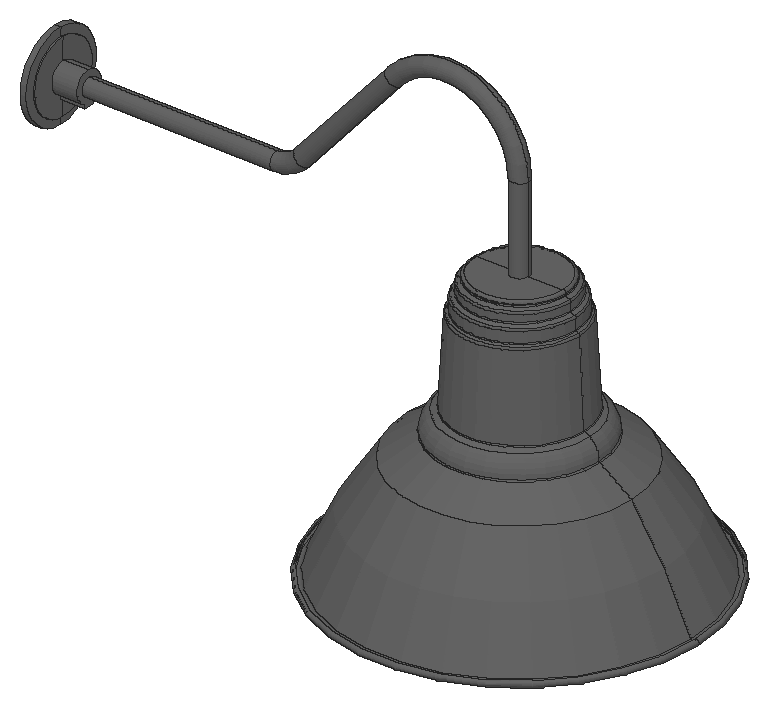
Revit family "Warehoouse_SB_LED", category Lighting Fixtures, Revit 2020
Family settings
  Round Connector Dimension = Use Diameter
  Part Type = Normal
  OmniClass Number = 23.80.70.00
  OmniClass Title = Lighting
  Work Plane-Based = No
  Always vertical = Yes
  Cut with Voids When Loaded = No
  Light Source = Yes
  Shared = No
  Room Calculation Point = No
Parameters (values of type "SBW20")
  Weight = "4.0 lb"
  Wattage Comments = "24W"
  Wattage = 2.4 W
  Warranty = "5 year limited warranty"  # constant formula
  built-in parameter 1150110 = 1 (stored number, unit not read)
  Voltage = 277 V
  URL = "https://www.anplighting.com/assets/Uploads/product-attachments/specification-sheets/ANP-Specification-Sheet-RLM-LED-SBW20.pdf"
  built-in parameter 1114217 = 1 (stored number, unit not read)
  Tilt Angle = 90.00°
  built-in parameter 1150109 = 1 (stored number, unit not read)
  built-in parameter 1150134 = 12
  built-in parameter 1150113 = 1 (stored number, unit not read)
  SBW20 = yes
  SBW18 = no
  SBW16 = no
  Mounting Option [instance] = 2
  Power Factor = 1
  Post Mount [instance] = Mounting Option = 5  # no
  Placement X axis side [instance] = if(Post Mount, 2' 2 15/32", if(Cord or Stem Mount, 0' 0", if(E36 20 inch, 1' 8 1/4", if(E 6 26 inch, 2' 2", if(E7 41 inch, 3' 5 1/4", 0' 1")))))  # 2' - 2"
  Photometric Web File = "SBW20M024LDDW40K.IES"
  Model = "SBW20"
  Manufacturer = "ANP Lighting"  # constant formula
  built-in parameter 1150105 = 238.73 (stored number, unit not read)
  Lumens = 3000 lm
  built-in parameter 1150115 = 1 (stored number, unit not read)
  Load Classification = Lighting
  Light Source Height [instance] = 0' - 5 55/128"
  built-in parameter 1150137 = (empty or 0)
  built-in parameter 1150139 = (empty or 0)
  Light Elevation_3 [instance] = 0' - 5 55/128"
  Light Elevation _2 [instance] = if(SBW16, 1' 0", if(SBW18, 1' 1 7/8", if(SBW20, 1' 3 33/128", 0' 0")))  # 1' - 3 33/128"
  Light Elevation _1 [instance] = if(Post Mount, 0' 0", if(E7 41 inch, 0' 0", if(E36 20 inch, 0' 1", if(E 6 26 inch, 0' 0.87402", if(Cord or Stem Mount, (0' 3.66142" + Cord Length), 0' 0")))))  # 0' - 0.87402"
  Light Elevation [instance] = if(Post Mount, 14' 0.5315", if(E7 41 inch, 0' 0", 0' 0"))  # 0' - 0"
  Life = "L70 50,000 hours"  # constant formula
  built-in parameter 1150112 = 1 (stored number, unit not read)
  built-in parameter 1150114 = 1 (stored number, unit not read)
  Lamp = "LED"
  Inside body material = INSIDE BODY MATERIAL
  built-in parameter 1150132 = 2
  built-in parameter 1150102 = (empty or 0)
  built-in parameter 1150107 = 4000 (stored number, unit not read)
  built-in parameter 1150138 = (empty or 0)
  built-in parameter 1150106 = 2.3873 (stored number, unit not read)
  GLASS = Glass
  Fixture Height = 1' - 3 1/4"
  Fixture Diameter = 1' - 8"
  Efficiency = "65-125 lumens per watt"  # constant formula
  built-in parameter 1150104 = 116.13 (stored number, unit not read)
  E7 41 inch [instance] = Mounting Option = 4  # no
  E36 20 inch [instance] = Mounting Option = 3  # no
  E 6 26 inch [instance] = Mounting Option = 2  # yes
  Dimming Lamp Color Temperature Shift = <None>
  Dimming = "1%"  # constant formula
  Description = "120-277 Voltage"  # constant formula
  Default Elevation = 0' - 0"
  Cord or Stem Mount [instance] = Mounting Option = 1  # no
  Cord Length option [instance] = 10
  Cord Length [instance] = if([2' Cord], 2' 0", if([4' Cord], 4' 0", if([8' Cord], 8' 0", if([10' Cord], 10' 0", if([6' Cord], 6' 0", 6' 0")))))  # 10' - 0"
  Construction Material = "Heavy Duty spun aluminum."  # constant formula
  Color Filter = 16777215
  CRI = ">90"  # constant formula
  Bulb = BULB
  Body Material = body
  Body Colour = "Spun aluminium"  # constant formula
  built-in parameter 1114218 = 1 (stored number, unit not read)
  built-in parameter 1150133 = 10 (stored number, unit not read)
  Apparent Load = 24 VA
  8' Cord [instance] = Cord Length option = 8  # no
  6' Cord [instance] = Cord Length option = 6  # no
  4' Cord [instance] = Cord Length option = 4  # no
  2' Cord [instance] = Cord Length option = 2  # no
  10' Cord [instance] = Cord Length option = 10  # yes
Types (4): name | Weight | Wattage Comments | Wattage | URL | SBW20 | SBW18 | SBW16 | Photometric Web File | Model | built-in parameter 1150105 | Lumens | Light Elevation _2 | built-in parameter 1150106 | Fixture Height | Fixture Diameter | Apparent Load
  (no name) | "4.0 lb" | "24W" | 2.4 W | "https://www.anplighting.com/assets/Uploads/product-attachments/specification-sheets/ANP-Specification-Sheet-RLM-LED-SBW20.pdf" | yes | no | no | "SBW20M024LDDW40K.IES" | "SBW20" | 238.73 (stored number, unit not read) | 3000 lm | 1' - 3 33/128" | 2.3873 (stored number, unit not read) | 1' - 3 1/4" | 1' - 8" | 24 VA
  SBW16 | "3.0 lb" | "24W" | 2.4 W | "https://www.anplighting.com/assets/Uploads/product-attachments/specification-sheets/ANP-Specification-Sheet-RLM-LED-SBW16.pdf" | no | no | yes | "SBW16M024LDDW40K.IES" | "SBW16" | 3000 (stored number, unit not read) | 3000 lm | 1' - 0" | 30 (stored number, unit not read) | 1' - 0" | 1' - 4" | 24 VA
  SBW18 | "3.0 lb" | "16W" | 1.6 W | "https://www.anplighting.com/assets/Uploads/product-attachments/specification-sheets/ANP-Specification-Sheet-RLM-LED-SBW18.pdf" | no | yes | no | "SBW18M016LDDW40K.IES" | "SBW18" | 159.15 (stored number, unit not read) | 2000 lm | 1' - 1 7/8" | 1.5915 (stored number, unit not read) | 1' - 1 7/8" | 1' - 6 5/8" | 16 VA
  SBW20 | "4.0 lb" | "24W" | 2.4 W | "https://www.anplighting.com/assets/Uploads/product-attachments/specification-sheets/ANP-Specification-Sheet-RLM-LED-SBW20.pdf" | yes | no | no | "SBW20M024LDDW40K.IES" | "SBW20" | 238.73 (stored number, unit not read) | 3000 lm | 1' - 3 33/128" | 2.3873 (stored number, unit not read) | 1' - 3 1/4" | 1' - 8" | 24 VA
Reference planes (in)
  plane 1 "Light Source Axis (F/B)": y = 0
  plane 2: z = 0
  plane 3 "Light Source Axis (L/R)": x = 0
  plane 4 "Light Source Elevation": z = 0
  plane 5: z = 0
  plane 6: x = 26
  plane 7 "Bulb Position": z = -10.70214
  plane 8 "Canopy Position": z = -0.87402
  plane 9 "IES": z = -16.13183
  plane 10: z = -16.13183
Dimensions and locks (in)
  "Light Elevation": plane 5 to plane 2
  "Placement X axis side": plane 6 to plane 3 "Light Source Axis (L/R)"
  "Light Elevation _1": plane 5 to plane 8 "Canopy Position"
  "Light Source Height": plane 7 "Bulb Position" to plane 9 "IES"
  locked: plane 4 "Light Source Elevation" to plane 2
  "Light Elevation _2": plane 8 "Canopy Position" to plane 10
  "Light Elevation_3": plane 7 "Bulb Position" to plane 10
  aligned and locked: level to plane 2
  aligned and locked: plane 1 "Light Source Axis (F/B)" to nested 5
  aligned and locked: nested 5 to plane 2
  aligned and locked: nested 1 to plane 3 "Light Source Axis (L/R)"
  aligned and locked: plane 3 "Light Source Axis (L/R)" to nested 2
  aligned and locked: plane 3 "Light Source Axis (L/R)" to nested 4
  aligned and locked: nested 3 to plane 5
  aligned and locked: plane 3 "Light Source Axis (L/R)" to nested 3
  aligned and locked: plane 3 "Light Source Axis (L/R)" to nested 5
  aligned and locked: plane 1 "Light Source Axis (F/B)" to nested 2
  aligned and locked: plane 1 "Light Source Axis (F/B)" to nested 1
  aligned and locked: plane 1 "Light Source Axis (F/B)" to nested 4
  aligned and locked: plane 1 "Light Source Axis (F/B)" to nested 3
  aligned and locked: plane 2 to nested 1
  aligned and locked: plane 2 to nested 2
  aligned and locked: nested 4 to plane 2
  aligned and locked: imposter light to plane 9 "IES"
  aligned and locked: plane 6 to imposter light
  aligned and locked: plane 1 "Light Source Axis (F/B)" to nested 6
  aligned and locked: plane 1 "Light Source Axis (F/B)" to nested 7
  aligned and locked: plane 1 "Light Source Axis (F/B)" to nested 8
  aligned and locked: nested 6 to plane 8 "Canopy Position"
  aligned and locked: nested 7 to plane 8 "Canopy Position"
  aligned and locked: nested 8 to plane 8 "Canopy Position"
  aligned and locked: plane 6 to nested 6
  aligned and locked: plane 6 to nested 7
  aligned and locked: plane 6 to nested 8
Nested families (in)
  nested 1: "CORD OR STEM MOUNT" at (0, 0, -123.67), visible <- "Cord or Stem Mount", Cord or Stem Mount <- "Cord or Stem Mount", Body Material <- "Body Material", Light Elevation <- "Light Elevation", Cord Length <- "Cord Length", 10' Cord <- "10' Cord", 2' Cord <- "2' Cord", 4' Cord <- "4' Cord", 6' Cord <- "6' Cord", 8' Cord <- "8' Cord", type "CORD OR STEM MOUNT"
    with Light Elevation 0' - 0", Cord or Stem Mount no, Cord Length 10' - 0", Body Material body, 8' Cord no, 6' Cord no, 4' Cord no, 2' Cord no, 10' Cord yes
  nested 2: "E6 26 INCH" at (26, 0, 0), visible <- "E 6 26 inch", Chain Length <- "Cord Length", E 6 26 inch <- "E 6 26 inch", Placement X axis side <- "Placement X axis side", Body Material <- "Body Material", Light Elevation <- "Light Elevation", type "E6 26 INCH"
    with Placement X axis side 2' - 2", Light Elevation 0' - 0", E 6 26 inch yes, Chain Length 10' - 0", Body Material body
  nested 3: "E7 41 INCH" at (26, 0, 0), Chain Length <- "Cord Length", visible <- "E7 41 inch", E7 41 inch <- "E7 41 inch", Placement X axis side <- "Placement X axis side", Body Material <- "Body Material", Light Elevation <- "Light Elevation", type "E7 41 INCH"
    with Placement X axis side 2' - 2", Light Elevation 0' - 0", E7 41 inch no, Chain Length 10' - 0", Body Material body
  nested 4: "E36 20 INCH" at (26, 0, 0), visible <- "E36 20 inch", E36 20 inch <- "E36 20 inch", Placement X axis side <- "Placement X axis side", Chain Length <- "Cord Length", Body Material <- "Body Material", Light Elevation <- "Light Elevation", type "E36 20 INCH"
    with Placement X axis side 2' - 2", Light Elevation 0' - 0", E36 20 inch no, Chain Length 10' - 0", Body Material body
  nested 5: "POST MOUNT" at (26, 0, 0), visible <- "Post Mount", Post Mount <- "Post Mount", Placement X axis side <- "Placement X axis side", Chain Length <- "Cord Length", Body Material <- "Body Material", Light Elevation <- "Light Elevation", type "POST MOUNT"
    with Post Mount no, Placement X axis side 2' - 2", Light Elevation 0' - 0", Chain Length 10' - 0", Body Material body
  nested 6: "SBW16 LED" at (26, 0, -0.87402), visible <- "SBW16", Light Elevation <- "Light Elevation", SBW16 <- "SBW16", type "SBW16 LED"
    with SBW16 no, Light Elevation 0' - 0"
  nested 7: "SBW18 LED" at (26, 0, -0.87402), Body <- "Body Material", visible <- "SBW18", Light Elevation <- "Light Elevation", SBW18 <- "SBW18", type "SBW18 LED"
    with SBW18 no, Light Elevation 0' - 0", Body body
  nested 8: "SBW20 LED" at (26, 0, -0.87402), visible <- "SBW20", Body <- "Body Material", Light Elevation <- "Light Elevation", SBW20 <- "SBW20", type "SBW20 LED"
    with SBW20 yes, Light Elevation 0' - 0", Body body
Definition of nested family "E6 26 INCH"
  Parameters (values of type "E6 26 INCH")
    URL = ""
    Placement X axis side [instance] = 2' - 2"
    Model = ""
    Manufacturer = ""
    Light Elevation [instance] = 8' - 4"
    E 6 26 inch [instance] = yes
    Default Elevation = 0' - 0"
    Chain Length [instance] = 0' - 0"
    Body Material [instance] = none
  Reference planes (in)
    plane 1 "Light Source Axis (F/B)": y = 0
    plane 2: z = 0
    plane 3 "Light Source Axis (L/R)": x = 0
    plane 4 "Light Source Elevation": z = 23.125
    plane 5: z = 100
    plane 6: x = -26
    plane 7: z = 99.125
    plane 8: x = -24.12
    plane 9: x = -25.5474
  Forms (in)
    Extrusion 1, void, not visible
      sketch origin (0, 0, 2.38154) x (1, 0, 0) y (0, 0, 1)
        loop
          circle (0, 4.59925) r 0.16583
      from 1.18594 to 1.75
    Extrusion 2, void, not visible
      sketch origin (0, 0, 2.38154) x (0.707107, -0.707107, 0) y (0, 0, 1)
        loop
          circle (0, 4.59925) r 0.16583
      from 1.18594 to 1.75
    Extrusion 3, void, not visible
      sketch origin (0, 0, 2.38154) x (0.707107, 0.707107, 0) y (0, 0, 1)
        loop
          circle (0, 4.59925) r 0.16583
      from 1.18594 to 1.75
    Extrusion 4, void, not visible
      sketch origin (0, 0, 2.38154) x (0, 1, 0) y (0, 0, 1)
        loop
          circle (0, 4.59925) r 0.16583
      from 1.18594 to 1.75
    Extrusion 5, void, not visible
      sketch origin (0, 0, 2.38154) x (-0.707107, 0.707107, 0) y (0, 0, 1)
        loop
          circle (0, 4.59925) r 0.16583
      from 1.18594 to 1.75
    Extrusion 6, void, not visible
      sketch origin (0, 0, 2.38154) x (-1, 0, 0) y (0, 0, 1)
        loop
          circle (0, 4.59925) r 0.20678
      from 1.18594 to 1.75
    Extrusion 7, void, not visible
      sketch origin (0, 0, 2.38154) x (-0.707107, -0.707107, 0) y (0, 0, 1)
        loop
          circle (0, 4.59925) r 0.16583
      from 1.18594 to 1.75
    Extrusion 8, void, not visible
      sketch origin (0, 0, 2.38154) x (0, -1, 0) y (0, 0, 1)
        loop
          circle (0, 4.59925) r 0.16583
      from 1.18594 to 1.75
    Sweep 9, solid, material <- "Body Material", visible <- "E 6 26 inch"
      path origin (-41.25, 0, 168.51693) x (1, 0, 0) y (0, 0, 1)
        loop
          line (17.13, -68.51693) -> (27.68551, -68.51693)
          arc (27.68551, -68.51693) -> (28.47996, -68.34486) -> (29.13202, -67.8595) r 1.92004
          line (29.13202, -67.8595) -> (34.23651, -62.01155)
          arc (34.23651, -62.01155) -> (38.65464, -60.89667) -> (41.25, -64.64193) r 4
          line (41.25, -64.64193) -> (41.25, -69.39193)
      profile origin (-18.84224, 0, 100) x (0, 0, 1) y (0, -1, 0)
        loop
          circle (0, 0) r 0.5
    Revolve 10, solid, material <- "Body Material", visible <- "E 6 26 inch"
      sketch origin (-26, 0, 168.51693) x (1, 0, 0) y (0, 0, 1)
        loop
          line (0, -66.07943) -> (0, -68.51693) -> (1.88, -68.51693) -> (1.88, -67.69272) -> (0.4526, -67.69272) -> (0.4526, -66.54122) -> (0.33125, -66.54122) -> (0.33125, -66.07943) -> (0, -66.07943)
        axis (0, -68.51693) -> (1.88, -68.51693)
      angle from 0 to 360
    Extrusion 11, solid, material <- "Body Material", visible <- "E 6 26 inch"
      sketch origin (-26, 0, 168.51693) x (0, -1, 0) y (0, 0, -1)
        loop
          line (0.25, 68.51693) -> (0.25, 69.51693) -> (-0.25, 69.51693) -> (-0.25, 68.51693) -> (0.25, 68.51693)
      from 0.4526 to 1.88
  Cuts and joins
    joined: Revolve 10, Extrusion 11
  Dimensions and locks (in)
    "Light Elevation": plane 5 to plane 2
    "Placement X axis side": plane 3 "Light Source Axis (L/R)" to plane 6
    locked: plane 5 to plane 7 at 0.875
    Revolve 10 sketch curve to Revolve 10 sketch curve to Revolve 10 sketch curve to plane 6 = 0' - 1.4274" locked, 0' - 0.12135" locked, 0' - 0.33125" locked
    Revolve 10 sketch curve to Revolve 10 sketch curve to Revolve 10 sketch curve to plane 5 = 0' - 0.46179" locked, 0' - 1.1515" locked, 0' - 0 211/256" locked
    locked: Sweep 9 sketch curve to plane 6 at 1.88
    locked: Sweep 9 sketch curve to Sweep 9 sketch curve at 10.55551
    locked: Sweep 9 sketch curve to Sweep 9 sketch curve at 13.56449
    locked: Sweep 9 sketch curve to Sweep 9 sketch curve at 4.75
    locked: plane 9 to plane 6 at 0.4526
    locked: plane 8 to plane 9 at 1.4274
    aligned and locked: level to plane 2
    aligned and locked: Revolve 10 sketch curve to plane 6
    aligned and locked: plane 5 to Revolve 10 sketch curve
    aligned and locked: Revolve 10 sketch curve to plane 5
    aligned and locked: cut or joined group of Revolve 10, Extrusion 11 to plane 9
    aligned and locked: plane 8 to cut or joined group of Revolve 10, Extrusion 11
  Automatic sketch dimensions
    Sweep 9 sketch curve to plane 5 = 0' - 0"
    Sweep 9 sketch curve to Sweep 9 sketch curve = 0' - 4"
    Sweep 9 sketch curve to Sweep 9 sketch curve = 0' - 3.01349"
    plane 5 to Sweep 9 sketch curve = 0' - 0.65743"
    Sweep 9 sketch curve to Sweep 9 sketch curve = 0' - 1.4465"
    Sweep 9 sketch curve to plane 5 = 0' - 0 7/8"
    profile plane to Sweep 9 sketch curve = 0' - 0"
    Sweep 9 sketch curve to profile plane = 0' - 0"
    plane 6 to Revolve 10 sketch curve = 0' - 0.62562"
    Revolve 10 sketch curve to Revolve 10 sketch curve = 0' - 0 1/2"
    Extrusion 11 sketch curve to plane 5 = 0' - 0"
    plane 1 "Light Source Axis (F/B)" to Extrusion 11 sketch curve = 0' - 0 1/4"
    Extrusion 11 sketch curve to plane 1 "Light Source Axis (F/B)" = 0' - 0 1/4"
    plane 5 to Extrusion 11 sketch curve = 0' - 1"
    radius of Sweep 9 sketch curve = 0' - 0 1/2"
Definition of nested family "SBW20 LED"
  Parameters (values of type "SBW20 LED")
    SBW20 [instance] = yes
    Light Elevation [instance] = 0' - 0"
    Default Elevation = 0' - 0"
    Body [instance] = none
  Reference planes (in)
    plane 1 "Center (Front/Back)": y = 0
    plane 2: z = 0
    plane 3 "Center (Left/Right)": x = 0
    plane 4: z = 0
  Dimensions and locks (in)
    "Light Elevation": plane 4 to plane 2
    aligned and locked: plane 2 to level
    aligned and locked: plane 3 "Center (Left/Right)" to nested 1
    aligned and locked: plane 1 "Center (Front/Back)" to nested 1
    aligned and locked: plane 4 to nested 1
  Nested families (in)
    nested 1: "SBW20" at (0, 0, -15.25), visible <- "SBW20", Body <- "Body", SBW20 <- "SBW20", type "SBW20"
      with SBW20 yes, Body none
  Definition of nested family "SBW20"
    Parameters (values of type "SBW20")
      SBW20 [instance] = yes
      Default Elevation = 0' - 0"
      Body [instance] = none
    Reference planes (in)
      plane 1 "Center (Front/Back)": y = 0
      plane 2: z = 0
      plane 3 "Center (Left/Right)": x = 0
      plane 4: x = 10
      plane 5: x = -10
      plane 6: z = 15.25
    Forms (in)
      Revolve 1, solid, material <- "Body", visible <- "SBW20"
        sketch origin (0, 0, -7.38965) x (1, 0, 0) y (0, 0, 1)
          loop
            arc (-2.43053, 22.63965) -> (-2.52874, 22.59897) -> (-2.56942, 22.50076) r 0.13889
            line (-2.56942, 22.50076) -> (-2.56942, 22.45012)
            arc (-2.56942, 22.45012) -> (-2.57727, 22.41806) -> (-2.59903, 22.39324) r 0.06944
            line (-2.59903, 22.39324) -> (-2.78797, 22.26094)
            arc (-2.78797, 22.26094) -> (-2.8315, 22.2113) -> (-2.84719, 22.14717) r 0.13889
            line (-2.84719, 22.14717) -> (-2.84719, 21.75568)
            arc (-2.84719, 21.75568) -> (-2.85504, 21.72362) -> (-2.87681, 21.6988) r 0.06944
            line (-2.87681, 21.6988) -> (-3.06574, 21.5665)
            arc (-3.06574, 21.5665) -> (-3.10928, 21.51686) -> (-3.12497, 21.45273) r 0.13889
            line (-3.12497, 21.45273) -> (-3.12497, 20.87373)
            arc (-3.12497, 20.87373) -> (-3.13282, 20.84167) -> (-3.15458, 20.81685) r 0.06944
            line (-3.15458, 20.81685) -> (-3.27803, 20.73041)
            arc (-3.27803, 20.73041) -> (-3.31974, 20.68416) -> (-3.33704, 20.62434) r 0.13889
            line (-3.33704, 20.62434) -> (-3.59465, 15.9875)
            arc (-3.59465, 15.9875) -> (-3.60479, 15.95503) -> (-3.62914, 15.93128) r 0.06944
            line (-3.62914, 15.93128) -> (-3.91341, 15.76638)
            arc (-3.91341, 15.76638) -> (-4.31509, 15.31949) -> (-4.44658, 14.73317) r 1.18754
            arc (-4.44658, 14.73317) -> (-4.45525, 14.69705) -> (-4.48128, 14.67057) r 0.06944
            arc (-4.48128, 14.67057) -> (-5.39732, 14.09412) -> (-6.26632, 13.44892) r 14.06318
            arc (-6.26632, 13.44892) -> (-8.11687, 10.65812) -> (-9.57409, 7.64323) r 24.7705
            arc (-9.57409, 7.64323) -> (-9.6778, 7.5171) -> (-9.83404, 7.46962) r 0.28193
            arc (-9.83404, 7.46962) -> (-9.92085, 7.55643) -> (-9.83404, 7.64323) r 0.0868
            line (-9.83404, 7.64323) -> (-9.83404, 7.72323)
            arc (-9.83404, 7.72323) -> (-10.00085, 7.5564) -> (-9.83399, 7.38962) r 0.1668
            arc (-9.83399, 7.38962) -> (-9.63318, 7.4507) -> (-9.50004, 7.61296) r 0.36193
            arc (-9.50004, 7.61296) -> (-8.04986, 10.61412) -> (-6.20866, 13.39262) r 24.6905
            arc (-6.20866, 13.39262) -> (-5.34815, 14.03082) -> (-4.44131, 14.60127) r 13.98318
            arc (-4.44131, 14.60127) -> (-4.38528, 14.65826) -> (-4.36663, 14.73598) r 0.14944
            arc (-4.36663, 14.73598) -> (-4.24451, 15.2818) -> (-3.87125, 15.69835) r 1.10754
            line (-3.87125, 15.69835) -> (-3.589, 15.86208)
            arc (-3.589, 15.86208) -> (-3.5366, 15.9132) -> (-3.51477, 15.98306) r 0.14944
            line (-3.51477, 15.98306) -> (-3.25717, 20.6199)
            arc (-3.25717, 20.6199) -> (-3.24983, 20.64527) -> (-3.23215, 20.66488) r 0.05889
            line (-3.23215, 20.66488) -> (-3.1087, 20.75132)
            arc (-3.1087, 20.75132) -> (-3.06185, 20.80473) -> (-3.04497, 20.87373) r 0.14944
            line (-3.04497, 20.87373) -> (-3.04497, 21.45273)
            arc (-3.04497, 21.45273) -> (-3.03832, 21.47992) -> (-3.01986, 21.50097) r 0.05889
            line (-3.01986, 21.50097) -> (-2.83092, 21.63327)
            arc (-2.83092, 21.63327) -> (-2.78408, 21.68668) -> (-2.76719, 21.75568) r 0.14944
            line (-2.76719, 21.75568) -> (-2.76719, 22.14717)
            arc (-2.76719, 22.14717) -> (-2.76054, 22.17436) -> (-2.74208, 22.19541) r 0.05889
            line (-2.74208, 22.19541) -> (-2.55315, 22.3277)
            arc (-2.55315, 22.3277) -> (-2.5063, 22.38112) -> (-2.48942, 22.45012) r 0.14944
            line (-2.48942, 22.45012) -> (-2.48942, 22.51287)
            arc (-2.48942, 22.51287) -> (-2.47217, 22.55451) -> (-2.43053, 22.57176) r 0.05889
            line (-2.43053, 22.57176) -> (-0.25, 22.57176) -> (-0.25, 22.63965) -> (-2.43053, 22.63965)
          axis (0, 22.63965) -> (0, 7.38962)
        angle from 0 to 360
    Dimensions and locks (in)
      locked: plane 6 to level at 15.25
      locked: plane 4 to plane 5 at 20
      aligned and locked: plane 2 to level
      aligned and locked: Revolve 1 sketch curve to plane 6
Definition of nested family "CORD OR STEM MOUNT"
  Parameters (values of type "CORD OR STEM MOUNT")
    URL = ""
    Model = ""
    Manufacturer = ""
    Light Elevation [instance] = 1' - 7.69"
    Default Elevation = 0' - 0"
    Cord or Stem Mount [instance] = yes
    Cord Length [instance] = 6' - 0"
    Body Material [instance] = none
    8' Cord [instance] = no
    6' Cord [instance] = no
    4' Cord [instance] = no
    2' Cord [instance] = no
    10' Cord [instance] = no
  Reference planes (in)
    plane 1 "Light Source Axis (F/B)": y = 0
    plane 2: z = 0
    plane 3 "Light Source Axis (L/R)": x = 0
    plane 4 "Light Source Elevation": z = 23.125
    plane 5: z = 91.69
    plane 6: z = 19.69
  Forms (in)
    Extrusion 1, void, not visible
      sketch origin (0, 0, 2.38154) x (1, 0, 0) y (0, 0, 1)
        loop
          circle (0, 4.59925) r 0.16583
      from 1.18594 to 1.75
    Extrusion 2, void, not visible
      sketch origin (0, 0, 2.38154) x (0.707107, -0.707107, 0) y (0, 0, 1)
        loop
          circle (0, 4.59925) r 0.16583
      from 1.18594 to 1.75
    Extrusion 3, void, not visible
      sketch origin (0, 0, 2.38154) x (0.707107, 0.707107, 0) y (0, 0, 1)
        loop
          circle (0, 4.59925) r 0.16583
      from 1.18594 to 1.75
    Extrusion 4, void, not visible
      sketch origin (0, 0, 2.38154) x (0, 1, 0) y (0, 0, 1)
        loop
          circle (0, 4.59925) r 0.16583
      from 1.18594 to 1.75
    Extrusion 5, void, not visible
      sketch origin (0, 0, 2.38154) x (-0.707107, 0.707107, 0) y (0, 0, 1)
        loop
          circle (0, 4.59925) r 0.16583
      from 1.18594 to 1.75
    Extrusion 6, void, not visible
      sketch origin (0, 0, 2.38154) x (-1, 0, 0) y (0, 0, 1)
        loop
          circle (0, 4.59925) r 0.20678
      from 1.18594 to 1.75
    Extrusion 7, void, not visible
      sketch origin (0, 0, 2.38154) x (-0.707107, -0.707107, 0) y (0, 0, 1)
        loop
          circle (0, 4.59925) r 0.16583
      from 1.18594 to 1.75
    Extrusion 8, void, not visible
      sketch origin (0, 0, 2.38154) x (0, -1, 0) y (0, 0, 1)
        loop
          circle (0, 4.59925) r 0.16583
      from 1.18594 to 1.75
    Revolve 9, solid, material <- "Body Material", visible <- "Cord or Stem Mount"
      sketch origin (0, 0, 174.56698) x (1, 0, 0) y (0, 0, 1)
        loop
          line (2.6875, -79.20698) -> (0, -79.20698) -> (0, -82.87698) -> (0.125, -82.87698) -> (0.125, -82.83698) -> (0.75, -82.83698)
          arc (0.75, -82.83698) -> (0.81694, -82.77004) -> (0.75, -82.7031) r 0.06694
          line (0.75, -82.7031) -> (0.89763, -82.7031) -> (1.00223, -82.5985) -> (1.06587, -82.5985)
          arc (1.06587, -82.5985) -> (1.80099, -82.29401) -> (2.10549, -81.55888) r 1.03962
          line (2.10549, -81.55888) -> (2.10549, -81.03899)
          arc (2.10549, -81.03899) -> (2.12951, -80.981) -> (2.1875, -80.95698) r 0.08201
          line (2.1875, -80.95698) -> (2.1875, -80.70698) -> (2.6875, -80.70698) -> (2.6875, -79.20698)
        axis (0, -79.20698) -> (0, -82.87698)
      angle from 0 to 360
    Revolve 10, solid, material <- "Body Material", visible <- "Cord or Stem Mount"
      sketch origin (0, 0, 0) x (1, 0, 0) y (0, 0, 1)
        loop
          line (0, 91.69) -> (-0.125, 91.69) -> (-0.125, 19.69) -> (0, 19.69) -> (0, 91.69)
        axis (0, 19.69) -> (0, 91.69)
      angle from 0 to 360
  Dimensions and locks (in)
    "Light Elevation": plane 6 to plane 2
    "Cord Length": plane 5 to plane 6
    locked: Revolve 10 sketch curve to Revolve 10 sketch curve at 0.125
    aligned and locked: level to plane 2
    aligned and locked: Revolve 10 sketch curve to plane 3 "Light Source Axis (L/R)"
    aligned and locked: Revolve 10 sketch curve to plane 6
    aligned and locked: Revolve 10 sketch curve to plane 5
    aligned and locked: plane 3 "Light Source Axis (L/R)" to Revolve 10 sketch curve
  Automatic sketch dimensions
    Revolve 9 sketch curve to plane 3 "Light Source Axis (L/R)" = 0' - 0"  (x2)
    Revolve 9 sketch curve to plane 5 = 0' - 0"
    plane 3 "Light Source Axis (L/R)" to Revolve 9 sketch curve = 0' - 0 1/8"
    Revolve 9 sketch curve to plane 5 = 0' - 0.17388"
    Revolve 9 sketch curve to Revolve 9 sketch curve = 0' - 0 5/8"
    Revolve 9 sketch curve to Revolve 9 sketch curve = 0' - 0.14763"
    Revolve 9 sketch curve to plane 5 = 0' - 0.27847"
    Revolve 9 sketch curve to Revolve 9 sketch curve = 0' - 0.1046"
    Revolve 9 sketch curve to Revolve 9 sketch curve = 0' - 0.06364"
    Revolve 9 sketch curve to Revolve 9 sketch curve = 0' - 1.03962"
    Revolve 9 sketch curve to Revolve 9 sketch curve = 0' - 0 21/256"
    Revolve 9 sketch curve to Revolve 9 sketch curve = 0' - 0 1/2"  (x2)
    Revolve 9 sketch curve to Revolve 9 sketch curve = 0' - 0.51989"
    Revolve 9 sketch curve to Revolve 9 sketch curve = 0' - 0 1/4"
    Revolve 9 sketch curve to Revolve 9 sketch curve = 0' - 2.3519"
    Revolve 9 sketch curve to Revolve 9 sketch curve = 0' - 1 1/4"
    Revolve 9 sketch curve to Revolve 9 sketch curve = 0' - 0.04"
    Revolve 10 sketch curve to Revolve 10 sketch curve = 0' - 0 1/2"
    Revolve 10 sketch curve to Revolve 10 sketch curve = 0' - 0.42345"
Definition of nested family "E7 41 INCH"
  Parameters (values of type "E7 41 INCH")
    URL = ""
    Placement X axis side [instance] = 4' - 2"
    Model = ""
    Manufacturer = ""
    Light Elevation [instance] = 8' - 4"
    E7 41 inch [instance] = yes
    Default Elevation = 0' - 0"
    Chain Length [instance] = 0' - 0"
    Body Material [instance] = none
  Reference planes (in)
    plane 1 "Light Source Axis (F/B)": y = 0
    plane 2: z = 0
    plane 3 "Light Source Axis (L/R)": x = 0
    plane 4 "Light Source Elevation": z = 23.125
    plane 5: z = 100
    plane 6: x = -50
  Forms (in)
    Extrusion 1, void, not visible
      sketch origin (0, 0, 2.38154) x (1, 0, 0) y (0, 0, 1)
        loop
          circle (0, 4.59925) r 0.16583
      from 1.18594 to 1.75
    Extrusion 2, void, not visible
      sketch origin (0, 0, 2.38154) x (0.707107, -0.707107, 0) y (0, 0, 1)
        loop
          circle (0, 4.59925) r 0.16583
      from 1.18594 to 1.75
    Extrusion 3, void, not visible
      sketch origin (0, 0, 2.38154) x (0.707107, 0.707107, 0) y (0, 0, 1)
        loop
          circle (0, 4.59925) r 0.16583
      from 1.18594 to 1.75
    Extrusion 4, void, not visible
      sketch origin (0, 0, 2.38154) x (0, 1, 0) y (0, 0, 1)
        loop
          circle (0, 4.59925) r 0.16583
      from 1.18594 to 1.75
    Extrusion 5, void, not visible
      sketch origin (0, 0, 2.38154) x (-0.707107, 0.707107, 0) y (0, 0, 1)
        loop
          circle (0, 4.59925) r 0.16583
      from 1.18594 to 1.75
    Extrusion 6, void, not visible
      sketch origin (0, 0, 2.38154) x (-1, 0, 0) y (0, 0, 1)
        loop
          circle (0, 4.59925) r 0.20678
      from 1.18594 to 1.75
    Extrusion 7, void, not visible
      sketch origin (0, 0, 2.38154) x (-0.707107, -0.707107, 0) y (0, 0, 1)
        loop
          circle (0, 4.59925) r 0.16583
      from 1.18594 to 1.75
    Extrusion 8, void, not visible
      sketch origin (0, 0, 2.38154) x (0, -1, 0) y (0, 0, 1)
        loop
          circle (0, 4.59925) r 0.16583
      from 1.18594 to 1.75
    Revolve 9, solid, material <- "Body Material", visible <- "E7 41 inch"
      sketch origin (-41.25, 0, 168.39193) x (1, 0, 0) y (0, 0, 1)
        loop
          line (-8.75, -66.20443) -> (-8.75, -68.51693) -> (-6.87, -68.51693) -> (-6.87, -67.69272) -> (-8.2974, -67.69272) -> (-8.2974, -66.54122) -> (-8.41875, -66.54122) -> (-8.41875, -66.20443) -> (-8.75, -66.20443)
        axis (-8.75, -68.51693) -> (-6.87, -68.51693)
      angle from 0 to 360
    Extrusion 10, solid, material <- "Body Material", visible <- "E7 41 inch"
      sketch origin (-41.25, 0, 168.39193) x (0, -1, 0) y (0, 0, -1)
        loop
          line (0.25, 68.51693) -> (0.25, 69.51693) -> (-0.25, 69.51693) -> (-0.25, 68.51693) -> (0.25, 68.51693)
      from -8.2974 to -6.87
    Sweep 11, solid, material <- "Body Material", visible <- "E7 41 inch"
      path origin (-41.25, 0, 168.39193) x (1, 0, 0) y (0, 0, 1)
        loop
          line (-6.87, -68.51693) -> (16.04011, -68.51693)
          arc (16.04011, -68.51693) -> (17.864, -68.13651) -> (19.38375, -67.0587) r 4.5625
          line (19.38375, -67.0587) -> (24.70217, -61.33018)
          arc (24.70217, -61.33018) -> (29.64465, -60.20324) -> (32.5, -64.39193) r 4.5
          line (32.5, -64.39193) -> (32.5, -68.39193)
      profile origin (-36.66494, 0, 99.875) x (0, 0, 1) y (0, -1, 0)
        loop
          circle (0, 0) r 0.5
  Dimensions and locks (in)
    "Placement X axis side": plane 3 "Light Source Axis (L/R)" to plane 6
    "Light Elevation": plane 5 to plane 2
    locked: Revolve 9 sketch curve to Revolve 9 sketch curve at 0.33125
    locked: Revolve 9 sketch curve to Revolve 9 sketch curve at 0.4526
    locked: Revolve 9 sketch curve to Revolve 9 sketch curve at 1.88
    locked: Revolve 9 sketch curve to Revolve 9 sketch curve at 0.82421
    locked: Revolve 9 sketch curve to Revolve 9 sketch curve at 1.1515
    locked: Revolve 9 sketch curve to Revolve 9 sketch curve at 0.33679
    locked: plane 5 to Revolve 9 sketch curve at 0.125
    locked: Extrusion 10 sketch curve to Extrusion 10 sketch curve at 0.5
    locked: Extrusion 10 sketch curve to Extrusion 10 sketch curve at 1
    locked: plane 5 to Extrusion 10 sketch curve at 0.125
    locked: plane 5 to Sweep 11 sketch curve at 0.125
    locked: Sweep 11 sketch curve to Sweep 11 sketch curve at 39.37
    locked: Sweep 11 sketch curve to Sweep 11 sketch curve at 4
    locked: plane 6 to Extrusion 10 at 0.4526
    locked: Sweep 11 sketch curve to plane 6 at 1.88
    locked: Extrusion 10 to Extrusion 10 at 1.4274
    aligned and locked: plane 2 to level
    aligned and locked: Revolve 9 sketch curve to plane 6
  Automatic sketch dimensions
    Revolve 9 sketch curve to plane 5 = 0' - 0 1/8"
    plane 6 to Revolve 9 sketch curve = 0' - 0.62562"
    Revolve 9 sketch curve to Revolve 9 sketch curve = 0' - 0 1/2"
    plane 1 "Light Source Axis (F/B)" to Extrusion 10 sketch curve = 0' - 0 1/4"
    Sweep 11 sketch curve to plane 5 = 0' - 0"
    Sweep 11 sketch curve to Sweep 11 sketch curve = 0' - 4 1/2"
    Sweep 11 sketch curve to Sweep 11 sketch curve = 0' - 3.29783"
    plane 5 to Sweep 11 sketch curve = 0' - 1.33323"
    Sweep 11 sketch curve to Sweep 11 sketch curve = 0' - 5.31842"
    Sweep 11 sketch curve to Sweep 11 sketch curve = 0' - 3.34364"
    profile plane to Sweep 11 sketch curve = 0' - 0"
    Sweep 11 sketch curve to profile plane = 0' - 0"
    radius of Sweep 11 sketch curve = 0' - 0 1/2"
Definition of nested family "E36 20 INCH"
  Parameters (values of type "E36 20 INCH")
    URL = ""
    Placement X axis side [instance] = 1' - 8 1/4"
    Model = ""
    Manufacturer = ""
    Light Elevation [instance] = 8' - 4"
    E36 20 inch [instance] = yes
    Default Elevation = 0' - 0"
    Chain Length [instance] = 0' - 0"
    Body Material [instance] = none
  Reference planes (in)
    plane 1 "Light Source Axis (F/B)": y = 0
    plane 2: z = 0
    plane 3 "Light Source Axis (L/R)": x = 0
    plane 4 "Light Source Elevation": z = 23.125
    plane 5: z = 99
    plane 6: x = -20.25
    plane 7: z = 100
    plane 8: x = -18.37008
    plane 9: x = -19.79724
  Forms (in)
    Extrusion 1, void, not visible
      sketch origin (0, 0, 2.38154) x (1, 0, 0) y (0, 0, 1)
        loop
          circle (0, 4.59925) r 0.16583
      from 1.18594 to 1.75
    Extrusion 2, void, not visible
      sketch origin (0, 0, 2.38154) x (0.707107, -0.707107, 0) y (0, 0, 1)
        loop
          circle (0, 4.59925) r 0.16583
      from 1.18594 to 1.75
    Extrusion 3, void, not visible
      sketch origin (0, 0, 2.38154) x (0.707107, 0.707107, 0) y (0, 0, 1)
        loop
          circle (0, 4.59925) r 0.16583
      from 1.18594 to 1.75
    Extrusion 4, void, not visible
      sketch origin (0, 0, 2.38154) x (0, 1, 0) y (0, 0, 1)
        loop
          circle (0, 4.59925) r 0.16583
      from 1.18594 to 1.75
    Extrusion 5, void, not visible
      sketch origin (0, 0, 2.38154) x (-0.707107, 0.707107, 0) y (0, 0, 1)
        loop
          circle (0, 4.59925) r 0.16583
      from 1.18594 to 1.75
    Extrusion 6, void, not visible
      sketch origin (0, 0, 2.38154) x (-1, 0, 0) y (0, 0, 1)
        loop
          circle (0, 4.59925) r 0.20678
      from 1.18594 to 1.75
    Extrusion 7, void, not visible
      sketch origin (0, 0, 2.38154) x (-0.707107, -0.707107, 0) y (0, 0, 1)
        loop
          circle (0, 4.59925) r 0.16583
      from 1.18594 to 1.75
    Extrusion 8, void, not visible
      sketch origin (0, 0, 2.38154) x (0, -1, 0) y (0, 0, 1)
        loop
          circle (0, 4.59925) r 0.16583
      from 1.18594 to 1.75
    Sweep 9, solid, material <- "Body Material", visible <- "E36 20 inch"
      path origin (-41.25, 0, 169.51693) x (1, 0, 0) y (0, 0, 1)
        loop
          line (22.88, -69.51693) -> (28.93827, -69.51693)
          arc (28.93827, -69.51693) -> (29.97705, -69.28152) -> (30.81284, -68.62128) r 2.40953
          line (30.81284, -68.62128) -> (34.13807, -64.50378)
          arc (34.13807, -64.50378) -> (38.58272, -63.24548) -> (41.25, -67.01693) r 4
          line (41.25, -67.01693) -> (41.25, -70.51693)
      profile origin (-15.34086, 0, 100) x (0, 0, 1) y (0, -1, 0)
        loop
          circle (0, 0) r 0.5
    Revolve 10, solid, material <- "Body Material", visible <- "E36 20 inch"
      sketch origin (-20.25, 0, 169.51693) x (1, 0, 0) y (0, 0, 1)
        loop
          line (0, -67.20443) -> (0, -69.51693) -> (1.88, -69.51693) -> (1.88, -68.69272) -> (0.4526, -68.69272) -> (0.4526, -67.54122) -> (0.33125, -67.54122) -> (0.33125, -67.20443) -> (0, -67.20443)
        axis (0, -69.51693) -> (1.88, -69.51693)
      angle from 0 to 360
    Extrusion 11, solid, material <- "Body Material", visible <- "E36 20 inch"
      sketch origin (-20.25, 0, 169.51693) x (0, -1, 0) y (0, 0, -1)
        loop
          line (0.25, 69.51693) -> (0.25, 70.51693) -> (-0.25, 70.51693) -> (-0.25, 69.51693) -> (0.25, 69.51693)
      from 1.87992 to 0.45276
  Cuts and joins
    joined: Revolve 10, Extrusion 11
  Dimensions and locks (in)
    "Light Elevation": plane 7 to plane 2
    "Placement X axis side": plane 3 "Light Source Axis (L/R)" to plane 6
    locked: plane 7 to plane 5 at 1
    Revolve 10 sketch curve to Revolve 10 sketch curve to Revolve 10 sketch curve to plane 7 = 0' - 0.33679" locked, 0' - 1.1515" locked, 0' - 0 211/256" locked
    locked: Sweep 9 sketch curve to plane 6 at 1.88
    locked: Sweep 9 sketch curve to Sweep 9 sketch curve at 6.05827
    locked: Sweep 9 sketch curve to Sweep 9 sketch curve at 12.31173
    locked: Sweep 9 sketch curve to Sweep 9 sketch curve at 3.5
    Revolve 10 sketch curve to Revolve 10 sketch curve to Revolve 10 sketch curve to plane 6 = 0' - 1.4274" locked, 0' - 0.12135" locked, 0' - 0.33125" locked
    locked: plane 9 to plane 6 at 0.45276
    locked: plane 8 to plane 9 at 1.42717
    aligned and locked: level to plane 2
    aligned and locked: plane 7 to Revolve 10 sketch curve
    aligned and locked: Revolve 10 sketch curve to plane 7
    aligned and locked: Revolve 10 sketch curve to plane 6
    aligned and locked: cut or joined group of Revolve 10, Extrusion 11 to plane 9
    aligned and locked: plane 8 to cut or joined group of Revolve 10, Extrusion 11
  Automatic sketch dimensions
    Sweep 9 sketch curve to plane 7 = 0' - 0"
    Sweep 9 sketch curve to plane 5 = 0' - 0"
    Sweep 9 sketch curve to Sweep 9 sketch curve = 0' - 4"
    Sweep 9 sketch curve to plane 7 = 0' - 0.89565"
    Sweep 9 sketch curve to Sweep 9 sketch curve = 0' - 3.32523"
    Sweep 9 sketch curve to Sweep 9 sketch curve = 0' - 1.87457"
    profile plane to Sweep 9 sketch curve = 0' - 0"
    Sweep 9 sketch curve to profile plane = 0' - 0"
    plane 6 to Revolve 10 sketch curve = 0' - 0.62562"
    Revolve 10 sketch curve to Revolve 10 sketch curve = 0' - 0 1/2"
    plane 7 to Extrusion 11 sketch curve = 0' - 0"
    Extrusion 11 sketch curve to plane 5 = 0' - 0"
    plane 1 "Light Source Axis (F/B)" to Extrusion 11 sketch curve = 0' - 0 1/4"
    Extrusion 11 sketch curve to plane 1 "Light Source Axis (F/B)" = 0' - 0 1/4"
    radius of Sweep 9 sketch curve = 0' - 0 1/2"
Definition of nested family "POST MOUNT"
  Parameters (values of type "POST MOUNT")
    URL = ""
    Post Mount [instance] = yes
    Placement X axis side [instance] = 2' - 2 1/2"
    Model = ""
    Manufacturer = ""
    Light Elevation [instance] = 14' - 0.5168"
    Default Elevation = 0' - 0"
    Chain Length [instance] = 0' - 0"
    Body Material [instance] = none
  Reference planes (in)
    plane 1 "Light Source Axis (F/B)": y = 0
    plane 2: z = 0
    plane 3 "Light Source Axis (L/R)": x = 0
    plane 4 "Light Source Elevation": z = 23.125
    plane 5: x = -26.5
    plane 6: z = 168.5168
  Forms (in)
    Extrusion 1, void, not visible
      sketch origin (0, 0, 2.38154) x (1, 0, 0) y (0, 0, 1)
        loop
          circle (0, 4.59925) r 0.16583
      from 1.18594 to 1.75
    Extrusion 2, void, not visible
      sketch origin (0, 0, 2.38154) x (0.707107, -0.707107, 0) y (0, 0, 1)
        loop
          circle (0, 4.59925) r 0.16583
      from 1.18594 to 1.75
    Extrusion 3, void, not visible
      sketch origin (0, 0, 2.38154) x (0.707107, 0.707107, 0) y (0, 0, 1)
        loop
          circle (0, 4.59925) r 0.16583
      from 1.18594 to 1.75
    Extrusion 4, void, not visible
      sketch origin (0, 0, 2.38154) x (0, 1, 0) y (0, 0, 1)
        loop
          circle (0, 4.59925) r 0.16583
      from 1.18594 to 1.75
    Extrusion 5, void, not visible
      sketch origin (0, 0, 2.38154) x (-0.707107, 0.707107, 0) y (0, 0, 1)
        loop
          circle (0, 4.59925) r 0.16583
      from 1.18594 to 1.75
    Extrusion 6, void, not visible
      sketch origin (0, 0, 2.38154) x (-1, 0, 0) y (0, 0, 1)
        loop
          circle (0, 4.59925) r 0.20678
      from 1.18594 to 1.75
    Extrusion 7, void, not visible
      sketch origin (0, 0, 2.38154) x (-0.707107, -0.707107, 0) y (0, 0, 1)
        loop
          circle (0, 4.59925) r 0.16583
      from 1.18594 to 1.75
    Extrusion 8, void, not visible
      sketch origin (0, 0, 2.38154) x (0, -1, 0) y (0, 0, 1)
        loop
          circle (0, 4.59925) r 0.16583
      from 1.18594 to 1.75
    Revolve 9, solid, material <- "Body Material", visible <- "Post Mount"
      sketch origin (-7.90508, 0, 0) x (1, 0, 0) y (0, 0, 1)
        loop
          line (-18.59492, 3.92912) -> (-16.29831, 3.92912) -> (-16.29831, 4.2668) -> (-16.91413, 4.2668) -> (-16.91413, 134.5168) -> (-17.16413, 134.5168) -> (-17.16413, 137.3918) -> (-17.05979, 137.3918)
          arc (-17.05979, 137.3918) -> (-16.93479, 137.5168) -> (-17.05979, 137.6418) r 0.125
          line (-17.05979, 137.6418) -> (-17.48032, 137.6418) -> (-17.48032, 139.0793) -> (-17.73032, 139.0793) -> (-17.73032, 139.5793) -> (-18.59492, 139.5793) -> (-18.59492, 3.92912)
        axis (-18.59492, 139.5793) -> (-18.59492, 3.92912)
      angle from 0 to 360
    Extrusion 10, solid, material <- "Body Material", visible <- "Post Mount"
      sketch origin (0, 0, 0) x (1, 0, 0) y (0, 1, 0)
        loop
          line (-20.5, 5.93079) -> (-32.5, 5.93079) -> (-32.5, -6.06921) -> (-20.5, -6.06921) -> (-20.5, 5.93079)
      from 0 to 3.92912
    Sweep 11, solid, material <- "Body Material", visible <- "Post Mount"
      path origin (0, 0, 48.5) x (1, 0, 0) y (0, 0, 1)
        loop
          line (0, 120.0168) -> (0, 128.0168)
          arc (0, 128.0168) -> (-13.25, 141.2668) -> (-26.5, 128.0168) r 13.25
          line (-26.5, 128.0168) -> (-26.5, 91.0793)
      profile origin (0, 0, 172.5168) x (-1, 0, 0) y (0, -1, 0)
        loop
          circle (0, 0) r 0.5
    Revolve 12, solid, material <- "Body Material", visible <- "Post Mount"
      sketch origin (0, 0, 0) x (1, 0, 0) y (0, 0, 1)
        loop
          line (0, 168.5168) -> (0.75, 168.5168) -> (0.75, 170.7668) -> (0, 170.7668) -> (0, 168.5168)
        axis (0, 170.7668) -> (0, 168.5168)
      angle from 0 to 360
  Cuts and joins
    joined: Revolve 9, Extrusion 10, Sweep 11, Revolve 12
  Dimensions and locks (in)
    "Placement X axis side": plane 3 "Light Source Axis (L/R)" to plane 5
    "Light Elevation": plane 6 to plane 2
    locked: Revolve 12 sketch curve to plane 5 at 26.5  (x2)
    locked: Revolve 9 sketch curve to plane 2 at 3.92912
    locked: Revolve 9 sketch curve to plane 5 at 2.29661
    locked: Revolve 9 sketch curve to plane 5 at 1.68079
    locked: Revolve 9 sketch curve to plane 5 at 1.43079
    locked: Revolve 9 sketch curve to plane 5 at 1.11461
    locked: Revolve 9 sketch curve to plane 5 at 0.86461
    locked: Revolve 9 sketch curve to Revolve 9 sketch curve at 130.58768
    locked: Revolve 9 sketch curve to Revolve 9 sketch curve at 2.875
    locked: Revolve 9 sketch curve to Revolve 9 sketch curve at 0.25
    locked: Revolve 9 sketch curve to Revolve 9 sketch curve at 1.4375
    locked: Revolve 9 sketch curve to Revolve 9 sketch curve at 0.5
    locked: Sweep 11 sketch curve to Sweep 11 sketch curve at 26.5
    locked: Revolve 12 sketch curve to Revolve 12 sketch curve at 0.75
    locked: cut or joined group of Revolve 9, Extrusion 10, Sweep 11, Revolve 12 to plane 2 at 139.5793
    aligned and locked: level to plane 2
    aligned and locked: plane 5 to Sweep 11 sketch curve
    aligned and locked: Revolve 9 sketch curve to plane 5
  Automatic sketch dimensions
    Revolve 9 sketch curve to plane 5 = 0' - 0"
    Revolve 9 sketch curve to Revolve 9 sketch curve = 0' - 0.10434"
    Revolve 9 sketch curve to Revolve 9 sketch curve = 0' - 0.33768"
    Revolve 9 sketch curve to Revolve 9 sketch curve = 0' - 0 1/4"
    Revolve 9 sketch curve to Revolve 9 sketch curve = 0' - 0 7/16"
    Extrusion 10 sketch curve to plane 5 = 0' - 6"
    plane 5 to Extrusion 10 sketch curve = 0' - 6"
    plane 1 "Light Source Axis (F/B)" to Extrusion 10 sketch curve = 0' - 6.06921"
    Extrusion 10 sketch curve to plane 1 "Light Source Axis (F/B)" = 0' - 5.93079"
    Sweep 11 sketch curve to profile plane = 0' - 0"
    profile plane to Sweep 11 sketch curve = 0' - 0"
    Sweep 11 sketch curve to plane 6 = 0' - 0"
    Sweep 11 sketch curve to plane 6 = 0' - 8"
    plane 6 to Sweep 11 sketch curve = 2' - 4 15/16"
    Revolve 12 sketch curve to plane 6 = 0' - 0"
    Revolve 12 sketch curve to plane 6 = 0' - 2 1/4"
    Revolve 12 sketch curve to Revolve 12 sketch curve = 0' - 0 1/2"
    Revolve 12 sketch curve to Revolve 12 sketch curve = 0' - 0"
    radius of Sweep 11 sketch curve = 0' - 0 1/2"
Definition of nested family "SBW16 LED"
  Parameters (values of type "SBW16 LED")
    SBW16 [instance] = yes
    Light Elevation [instance] = 0' - 0"
    Default Elevation = 0' - 0"
    Body = none
  Reference planes (in)
    plane 1 "Center (Front/Back)": y = 0
    plane 2: z = 0
    plane 3 "Center (Left/Right)": x = 0
    plane 4: z = 0
  Dimensions and locks (in)
    "Light Elevation": plane 4 to plane 2
    aligned and locked: plane 2 to level
    aligned and locked: plane 3 "Center (Left/Right)" to nested 1
    aligned and locked: plane 1 "Center (Front/Back)" to nested 1
    aligned and locked: plane 4 to nested 1
  Nested families (in)
    nested 1: "SBW16" at (0, 0, -12), visible <- "SBW16", Body <- "Body", SBW16 <- "SBW16", type "SBW16"
      with SBW16 yes, Body none
  Definition of nested family "SBW16"
    Parameters (values of type "SBW16")
      SBW16 [instance] = yes
      Default Elevation = 0' - 0"
      Body [instance] = none
    Reference planes (in)
      plane 1 "Center (Front/Back)": y = 0
      plane 2: z = 0
      plane 3 "Center (Left/Right)": x = 0
      plane 4: x = 8
      plane 5: x = -8
      plane 6: z = 12
    Forms (in)
      Revolve 1, solid, material <- "Body", visible <- "SBW16"
        sketch origin (0, 0, -2.24025) x (1, 0, 0) y (0, 0, 1)
          loop
            line (-1.84033, 13.85655) -> (-1.67592, 13.97167)
            arc (-1.67592, 13.97167) -> (-1.63343, 14.02012) -> (-1.61811, 14.08271) r 0.13555
            line (-1.61811, 14.08271) -> (-1.61811, 14.12041)
            arc (-1.61811, 14.12041) -> (-1.609, 14.14241) -> (-1.587, 14.15152) r 0.03111
            line (-1.587, 14.15152) -> (-0.1582, 14.15152) -> (-0.1582, 14.24025) -> (-1.587, 14.24025)
            arc (-1.587, 14.24025) -> (-1.66557, 14.2077) -> (-1.69811, 14.12914) r 0.11111
            line (-1.69811, 14.12914) -> (-1.69811, 14.08271)
            arc (-1.69811, 14.08271) -> (-1.70439, 14.05706) -> (-1.7218, 14.0372) r 0.05556
            line (-1.7218, 14.0372) -> (-1.87295, 13.93137)
            arc (-1.87295, 13.93137) -> (-1.90778, 13.89166) -> (-1.92033, 13.84035) r 0.11111
            line (-1.92033, 13.84035) -> (-1.92033, 13.52716)
            arc (-1.92033, 13.52716) -> (-1.92661, 13.50151) -> (-1.94402, 13.48165) r 0.05556
            line (-1.94402, 13.48165) -> (-2.09517, 13.37582)
            arc (-2.09517, 13.37582) -> (-2.13, 13.33611) -> (-2.14255, 13.2848) r 0.11111
            line (-2.14255, 13.2848) -> (-2.14255, 12.8216)
            arc (-2.14255, 12.8216) -> (-2.14883, 12.79595) -> (-2.16624, 12.77609) r 0.05555
            line (-2.16624, 12.77609) -> (-2.265, 12.70694)
            arc (-2.265, 12.70694) -> (-2.29837, 12.66994) -> (-2.31221, 12.62209) r 0.11111
            line (-2.31221, 12.62209) -> (-2.50556, 9.14188)
            arc (-2.50556, 9.14188) -> (-2.51367, 9.1159) -> (-2.53315, 9.0969) r 0.05555
            line (-2.53315, 9.0969) -> (-2.77331, 8.95759)
            arc (-2.77331, 8.95759) -> (-3.09465, 8.60008) -> (-3.19984, 8.13102) r 0.95003
            arc (-3.19984, 8.13102) -> (-3.20678, 8.10213) -> (-3.2276, 8.08095) r 0.05556
            arc (-3.2276, 8.08095) -> (-4.4989, 7.22735) -> (-5.64252, 6.20904) r 11.25054
            arc (-5.64252, 6.20904) -> (-6.74352, 4.38784) -> (-7.64287, 2.45907) r 19.8164
            arc (-7.64287, 2.45907) -> (-7.726, 2.35841) -> (-7.85083, 2.32019) r 0.227
            arc (-7.85083, 2.32019) -> (-7.92027, 2.38963) -> (-7.85083, 2.45907) r 0.06944
            line (-7.85083, 2.45907) -> (-7.85083, 2.53907)
            arc (-7.85083, 2.53907) -> (-8.00026, 2.39174) -> (-7.85506, 2.24025) r 0.14944
            arc (-7.85506, 2.24025) -> (-7.68254, 2.29128) -> (-7.56824, 2.43022) r 0.307
            arc (-7.56824, 2.43022) -> (-6.67435, 4.34752) -> (-5.58039, 6.15813) r 19.7364
            arc (-5.58039, 6.15813) -> (-4.44708, 7.16631) -> (-3.18763, 8.01165) r 11.17054
            arc (-3.18763, 8.01165) -> (-3.13681, 8.06334) -> (-3.11989, 8.13383) r 0.13555
            arc (-3.11989, 8.13383) -> (-3.02407, 8.5624) -> (-2.73114, 8.88957) r 0.87003
            line (-2.73114, 8.88957) -> (-2.51723, 9.01365)
            arc (-2.51723, 9.01365) -> (-2.4697, 9.06002) -> (-2.4499, 9.12339) r 0.13555
            line (-2.4499, 9.12339) -> (-2.25588, 12.61566) -> (-2.12036, 12.71056)
            arc (-2.12036, 12.71056) -> (-2.07787, 12.75901) -> (-2.06255, 12.8216) r 0.13555
            line (-2.06255, 12.8216) -> (-2.06255, 13.301) -> (-1.89814, 13.41612)
            arc (-1.89814, 13.41612) -> (-1.85565, 13.46457) -> (-1.84033, 13.52716) r 0.13556
            line (-1.84033, 13.52716) -> (-1.84033, 13.85655)
          axis (0, 2.24025) -> (0, 14.24025)
        angle from 0 to 360
    Dimensions and locks (in)
      locked: plane 4 to plane 5 at 16
      locked: plane 6 to level at 12
      aligned and locked: plane 2 to level
      aligned and locked: plane 6 to Revolve 1 sketch curve
      aligned and locked: Revolve 1 to level
Definition of nested family "SBW18 LED"
  Parameters (values of type "SBW18 LED")
    SBW18 [instance] = yes
    Light Elevation [instance] = 0' - 0"
    Default Elevation = 0' - 0"
    Body [instance] = none
  Reference planes (in)
    plane 1 "Center (Front/Back)": y = 0
    plane 2: z = 0
    plane 3 "Center (Left/Right)": x = 0
    plane 4: z = 0
  Dimensions and locks (in)
    "Light Elevation": plane 4 to plane 2
    aligned and locked: plane 2 to level
    aligned and locked: plane 3 "Center (Left/Right)" to nested 1
    aligned and locked: plane 1 "Center (Front/Back)" to nested 1
    aligned and locked: plane 4 to nested 1
  Nested families (in)
    nested 1: "SBW18" at (0, 0, -13.875), visible <- "SBW18", Body <- "Body", SBW18 <- "SBW18", type "SBW18"
      with SBW18 yes, Body none
  Definition of nested family "SBW18"
    Parameters (values of type "SBW18")
      SBW18 [instance] = yes
      Default Elevation = 0' - 0"
      Body [instance] = none
    Reference planes (in)
      plane 1 "Center (Front/Back)": y = 0
      plane 2: z = 0
      plane 3 "Center (Left/Right)": x = 0
      plane 4: x = 9.3125
      plane 5: x = -9.3125
      plane 6: z = 13.875
    Forms (in)
      Revolve 1, solid, material <- "Body", visible <- "SBW18"
        sketch origin (0, 0, -13.42187) x (1, 0, 0) y (0, 0, 1)
          loop
            arc (-9.18183, 13.42238) -> (-9.1222, 13.43414) -> (-9.08274, 13.48037) r 0.0925
            arc (-9.08274, 13.48037) -> (-8.2586, 15.41175) -> (-7.31468, 17.2875) r 33.38346
            arc (-7.31468, 17.2875) -> (-7.25575, 17.37097) -> (-7.17906, 17.43849) r 0.4375
            arc (-7.17906, 17.43849) -> (-5.86288, 18.30605) -> (-4.50952, 19.11439) r 35.54312
            arc (-4.50952, 19.11439) -> (-4.32543, 19.29217) -> (-4.24995, 19.5367) r 0.51375
            arc (-4.24995, 19.5367) -> (-4.20381, 19.73879) -> (-4.06983, 19.89696) r 0.4375
            line (-4.06983, 19.89696) -> (-3.68205, 20.17898)
            arc (-3.68205, 20.17898) -> (-3.60859, 20.26335) -> (-3.57928, 20.37131) r 0.25
            line (-3.57928, 20.37131) -> (-3.37748, 25.48369)
            arc (-3.37748, 25.48369) -> (-3.36969, 25.52246) -> (-3.35019, 25.55685) r 0.125
            line (-3.35019, 25.55685) -> (-3.16609, 25.78697)
            arc (-3.16609, 25.78697) -> (-3.13557, 25.84204) -> (-3.125, 25.9041) r 0.1875
            line (-3.125, 25.9041) -> (-3.125, 26.18645)
            arc (-3.125, 26.18645) -> (-3.10749, 26.25026) -> (-3.05986, 26.29619) r 0.125
            line (-3.05986, 26.29619) -> (-2.87897, 26.39485)
            arc (-2.87897, 26.39485) -> (-2.80752, 26.46375) -> (-2.78125, 26.55946) r 0.1875
            line (-2.78125, 26.55946) -> (-2.78125, 26.81394)
            arc (-2.78125, 26.81394) -> (-2.76436, 26.87668) -> (-2.71827, 26.92247) r 0.125
            line (-2.71827, 26.92247) -> (-2.65697, 26.9575)
            arc (-2.65697, 26.9575) -> (-2.58783, 27.02618) -> (-2.5625, 27.12029) r 0.1875
            line (-2.5625, 27.12029) -> (-2.5625, 27.23525) -> (-0.5785, 27.23525) -> (-0.5785, 27.29687) -> (-2.5625, 27.29687)
            arc (-2.5625, 27.29687) -> (-2.60669, 27.27857) -> (-2.625, 27.23437) r 0.0625
            line (-2.625, 27.23437) -> (-2.625, 27.12029)
            arc (-2.625, 27.12029) -> (-2.64189, 27.05755) -> (-2.68798, 27.01176) r 0.125
            line (-2.68798, 27.01176) -> (-2.74928, 26.97674)
            arc (-2.74928, 26.97674) -> (-2.81842, 26.90806) -> (-2.84375, 26.81394) r 0.1875
            line (-2.84375, 26.81394) -> (-2.84375, 26.55946)
            arc (-2.84375, 26.55946) -> (-2.86126, 26.49565) -> (-2.90889, 26.44972) r 0.125
            line (-2.90889, 26.44972) -> (-3.08978, 26.35105)
            arc (-3.08978, 26.35105) -> (-3.16123, 26.28216) -> (-3.1875, 26.18645) r 0.1875
            line (-3.1875, 26.18645) -> (-3.1875, 25.9041)
            arc (-3.1875, 25.9041) -> (-3.19455, 25.86273) -> (-3.21489, 25.82602) r 0.125
            line (-3.21489, 25.82602) -> (-3.39899, 25.59589)
            arc (-3.39899, 25.59589) -> (-3.42825, 25.5443) -> (-3.43993, 25.48616) r 0.1875
            line (-3.43993, 25.48616) -> (-3.64174, 20.37377)
            arc (-3.64174, 20.37377) -> (-3.66372, 20.29281) -> (-3.71881, 20.22953) r 0.1875
            line (-3.71881, 20.22953) -> (-4.10659, 19.94751)
            arc (-4.10659, 19.94751) -> (-4.25592, 19.77418) -> (-4.31258, 19.55248) r 0.5
            arc (-4.31258, 19.55248) -> (-4.37575, 19.33083) -> (-4.54037, 19.16952) r 0.45
            arc (-4.54037, 19.16952) -> (-5.89611, 18.35976) -> (-7.21461, 17.49068) r 35.60562
            arc (-7.21461, 17.49068) -> (-7.30225, 17.41351) -> (-7.36959, 17.31811) r 0.5
            arc (-7.36959, 17.31811) -> (-8.31529, 15.43885) -> (-9.14096, 13.50385) r 33.44596
            arc (-9.14096, 13.50385) -> (-9.15528, 13.48803) -> (-9.17648, 13.48573) r 0.03
            arc (-9.17648, 13.48573) -> (-9.24819, 13.56465) -> (-9.14602, 13.59517) r 0.063
            line (-9.14602, 13.59517) -> (-9.10486, 13.64221)
            arc (-9.10486, 13.64221) -> (-9.30595, 13.58923) -> (-9.18183, 13.42238) r 0.1255
          axis (0, 27.29687) -> (0, 13.42238)
        angle from 0 to 360
    Dimensions and locks (in)
      locked: plane 4 to plane 5 at 18.625
      locked: plane 6 to level at 13.875
      aligned and locked: plane 2 to level
      aligned and locked: Revolve 1 sketch curve to plane 6
